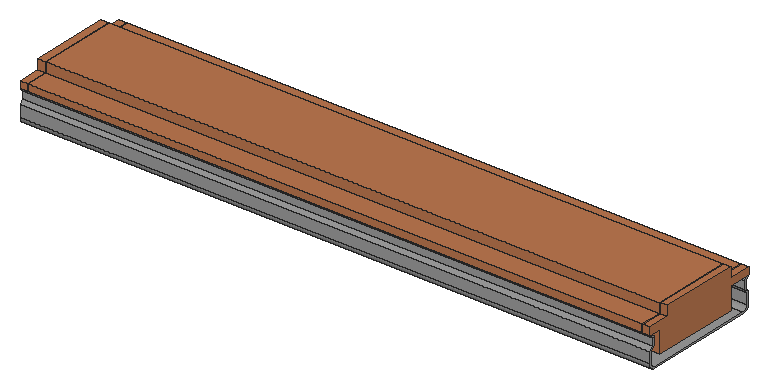
Revit family "F2_Whether proof surface Mounted", category Lighting Fixtures, Revit 2013
Parameters (values of type "F2_Surface Mounuted w/p Luminaire")
  Wattage = 9.2903 W
  built-in parameter 1150110 = 1 (stored number, unit not read)
  built-in parameter 1114217 = 1 (stored number, unit not read)
  built-in parameter 1150109 = 1 (stored number, unit not read)
  built-in parameter 1150134 = 3
  built-in parameter 1150113 = 1 (stored number, unit not read)
  built-in parameter 1150105 = 109.82 (stored number, unit not read)
  Lumens = 1380 lm
  built-in parameter 1150115 = 1 (stored number, unit not read)
  Lt = Bright
  Load Classification = Ltg
  Light Type [instance] = "F2"
  Light Source Symbol Size = 609.6 mm
  built-in parameter 1150137 = (empty or 0)
  built-in parameter 1150139 = (empty or 0)
  built-in parameter 1150112 = 1 (stored number, unit not read)
  built-in parameter 1150114 = 1 (stored number, unit not read)
  Lamp = "2X35W"
  built-in parameter 1150132 = (empty or 0)
  built-in parameter 1150102 = (empty or 0)
  built-in parameter 1150107 = 3200 (stored number, unit not read)
  built-in parameter 1150138 = (empty or 0)
  built-in parameter 1150106 = 1.0982 (stored number, unit not read)
  Glass = Glass, Green
  Emit from Line Length = 1200 mm
  Elevation [instance] = 2400 mm
  built-in parameter 1150104 = 13.8 (stored number, unit not read)
  Dimming Lamp Color Temperature Shift = <None>
  Color Filter = 16777215
  built-in parameter 1114218 = 1 (stored number, unit not read)
  built-in parameter 1150133 = 10 (stored number, unit not read)
  Apparent Load = 70 VA
Reference planes
  plane 1 "Light Source Axis (F/B)": y = 0
  plane 2: z = 0
  plane 3 "Light Source Axis (L/R)": x = 0
  plane 4 "Light Source Elevation": z = -100
  plane 5 "Lf": x = -637.5
  plane 6 "Rt": x = 637.5
  plane 7 "Lf_ltg": x = -600
  plane 8 "Rt_ltg": x = 600
  plane 9: z = -100
  plane 10: z = 0
  plane 11: z = -20
  plane 12: z = -35
  plane 13: z = -80
  plane 14: y = -80
  plane 15: y = -100
  plane 16: y = -12.5
  plane 17: y = 12.5
  plane 18: y = -125
  plane 19: y = 125
  plane 20: y = 80
  plane 21 "Left": x = -637.5
  plane 22 "Right": x = 637.5
  plane 23: x = -622.5
  plane 24: x = 622.5
  plane 25: y = -50
  plane 26: y = 50
  plane 27: z = -70
  plane 28: x = -600
  plane 29 "Ltg_rt": x = 600
Forms (mm)
  Extrusion 1, solid, material "Light Body"
    sketch origin (637.5, 0, -2400) x (0, 0, -1) y (0, -1, 0)
      loop
        line (-2365, 125) -> (-2380, 125) -> (-2380, 80) -> (-2400, 80) -> (-2400, -80) -> (-2380, -80) -> (-2380, -125) -> (-2365, -125) -> (-2365, -12.5) -> (-2320, -12.5) -> (-2320, 12.5) -> (-2365, 12.5) -> (-2365, 125)
    from 15 to 1260
  Extrusion 2, solid, material "Light Body"
    sketch origin (637.5, 0, -2400) x (0, 0, -1) y (0, -1, 0)
      loop
        line (-2365, 125) -> (-2380, 125) -> (-2380, 80) -> (-2400, 80) -> (-2400, -80) -> (-2380, -80) -> (-2380, -125) -> (-2365, -125) -> (-2365, -80) -> (-2320, -80) -> (-2320, 100) -> (-2365, 100) -> (-2365, 125)
    from 0 to 15
  Extrusion 3, solid, material "Light Body"
    sketch origin (0, 0, -2400) x (0, 1, 0) y (0, 0, 1)
      loop
        line (80, 2320) -> (80, 2365) -> (125, 2365) -> (125, 2380) -> (80, 2380) -> (80, 2400) -> (-80, 2400) -> (-80, 2380) -> (-125, 2380) -> (-125, 2365) -> (-100, 2365) -> (-100, 2320) -> (80, 2320)
    from -622.5 to -637.5
  Extrusion 4, solid, material "Bright" <- "Lt"
    sketch origin (600, 0, -2400) x (0, 0, 1) y (0, -1, 0)
      loop
        circle (2330, 50) r 25
    from 0 to -1200
  Extrusion 5, solid, material "Bright" <- "Lt"
    sketch origin (600, 0, -2400) x (0, 0, 1) y (0, -1, 0)
      loop
        circle (2330, -50) r 25
    from 0 to -1200
  Extrusion 6, solid, material "Glass, Green" <- "Glass"
    sketch origin (637.5, 0, -2400) x (0, 0, -1) y (0, -1, 0)
      loop
        line (-2365, 125) -> (-2365, 120.757) -> (-2359.172, 114.929) -> (-2341.686, 114.929) -> (-2334.615, 122) -> (-2313, 122)
        arc (-2313, 122) -> (-2305.929, 119.071) -> (-2303, 112) r 10
        line (-2303, 112) -> (-2303, -112)
        arc (-2303, -112) -> (-2305.929, -119.071) -> (-2313, -122) r 10
        line (-2313, -122) -> (-2334.615, -122) -> (-2341.686, -114.929) -> (-2359.172, -114.929) -> (-2365, -120.757) -> (-2365, -125) -> (-2357.929, -117.929) -> (-2342.929, -117.929) -> (-2335.858, -125) -> (-2313, -125)
        arc (-2313, -125) -> (-2303.808, -121.192) -> (-2300, -112) r 13
        line (-2300, -112) -> (-2300, 112)
        arc (-2300, 112) -> (-2303.808, 121.192) -> (-2313, 125) r 13
        line (-2313, 125) -> (-2335.858, 125) -> (-2342.929, 117.929) -> (-2357.929, 117.929) -> (-2365, 125)
    from 0 to 1275
Lines and regions (mm)
  symbolic lines, style "Lighting Symbols"
    curve 1: line (-637.5, 85, 0) -> (-637.5, -85, 0)
    curve 2: line (637.5, 85, 0) -> (637.5, -85, 0)
    curve 3: line (-637.5, 20, 0) -> (-56.569, 20, 0)
    curve 4: line (-637.5, -20, 0) -> (-56.569, -20, 0)
    curve 5: line (56.569, -20, 0) -> (637.5, -20, 0)
    curve 6: line (56.569, 20, 0) -> (637.5, 20, 0)
    curve 7: circle (0, 0, 0) r 60 normal (0, 0, 1)
Dimensions and locks
  locked: plane 10 to plane 9 at 100
  locked: plane 13 to plane 9 at 20
  locked: plane 12 to plane 13 at 45
  locked: plane 11 to plane 12 at 15
  plane 10 to plane 11 = 20 mm
  locked: plane 21 "Left" to plane 23 at 15
  locked: plane 22 "Right" to plane 24 at 15
  plane 25 to plane 1 "Light Source Axis (F/B)" = 50 mm
  plane 1 "Light Source Axis (F/B)" to plane 26 = 50 mm
  plane 12 to plane 27 = 35 mm
  aligned and locked: plane 3 "Light Source Axis (L/R)" to imposter light
  aligned and locked: plane 1 "Light Source Axis (F/B)" to imposter light
  aligned and locked: plane 4 "Light Source Elevation" to imposter light
  aligned and locked: plane 2 to level
  aligned and locked: plane 4 "Light Source Elevation" to plane 9
Connectors
  electrical at (0, 0, 0), driven by "Load Classification"
    settings: on Extrusion 1, index 1, voltage 230 V, apparent load 0 VA, apparent load phase1 70 VA, apparent load phase2 0 VA, apparent load phase3 0 VA, power factor 0.9, load classification "Ltg", number of poles 1, system type 31, power factor state 1, is connector primary yes, connector utility no, sub classification motor no, connector description ""
